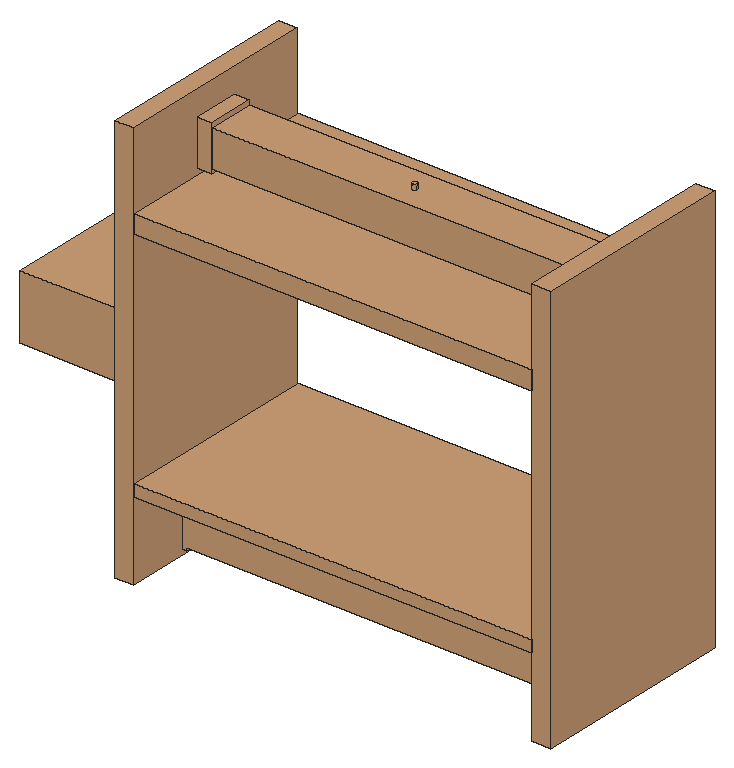
Revit family
Parameters
  Center of Unit = 0' - 0"  # constant formula
  Total Heating Capacity [instance] = 0.0 Btu/h
  Series = "VIFB"
  Outlet Area = 7.15 SF
  Lower Frame Thickness = if(Headers Height = 0' 3", 0' 1 1/4", if(Headers Height = 0' 3 1/4", 0' 1 1/4", 0' 0"))  # 0' - 1 1/4"
  Water Pressure Drop [instance] = 0.00 psi
  Water Flow [instance] = 0 GPM
  Unit Weight (lbs) = 455
  URL = "http://www.ljwing.com/"
  Water Outlet Radius = 0' - 1 1/2"
  Headers Height = if(M = 0' 1", 0' 3", if(M = 0' 1 1/2", 0' 3 1/4", 0' 0"))  # 0' - 3"
  Number of Rows = 2  # constant formula
  Number of Coils [instance] = 0
  Nominal Length = 3' - 10 7/8"
  N = 1' - 0 3/4"
  Model = "VA-4W"
  Manufacturer = "LJ Wing"
  M = 0' - 1"
  Leaving Water Temperature [instance] = 0 °F
  Leaving Air Temperature [instance] = 0 °F
  Entering Water Temperature [instance] = 0 °F
  Entering Air Temperature [instance] = 0 °F
  Description = "Vertical Integral Face & Bypass Water Heating Coils"
  Hot Water Inlet  Radius = 0' - 1 1/2"
  Coil Face Area = Outlet Area * 0.56  # 4.004 SF
  Casing Material = ""
  Assembly Code = "D3020300"
  Air Vent Radius = 0' - 0 1/4"
  Air Pressure Drop [instance] = 0.00 in-wg
  Air Inlet Width = Nominal Length - 0' 4"  # 3' - 6 7/8"
  Air Inlet Height = Y  # 2' - 0"
  Air Flow [instance] = 0 CFM
  Y = 2' - 0"
  S = 0' - 9 3/4"  # constant formula
  Product URL = "http://www.ljwing.com/html/vifb.asp"
  OmniClass = "23-75 70 21 14 "
  Nominal Height = 3' - 8"
  Nominal Depth = 1' - 10"
  R = 0' - 10 1/4"  # constant formula
  Q = 0' - 5 7/16"
Reference planes (in)
  plane 1 "Center (Front/Back)": y = 0
  plane 2: z = -12
  plane 3 "Center (Left/Right)": x = 0
  plane 4: z = 22.25
  plane 5: x = -23.4375
  plane 6: x = 23.4375
  plane 7: z = -21.75
  plane 8: z = 0
  plane 9: y = -11
  plane 10: y = 11
  plane 11: z = 12
  plane 12: z = 14
  plane 13: z = -13.25
  plane 14: x = 21.4375
  plane 15: x = -21.4375
  plane 16: x = -18
  plane 17: x = 18
  plane 18: y = 14.0625
  plane 19: x = -34.4375
  plane 20: z = 19.125
  plane 21: z = 15.125
  plane 22: y = -2.5
  plane 23: y = 2.5
  plane 24: y = -4.5
  plane 25: z = -19.375
  plane 26: x = -10.6875
  plane 27: x = 10.6875
  plane 28: z = -15.375
Forms (in)
  Extrusion 1, solid, material "Painted Finish"
    sketch origin (0, 6, -9.75) x (1, 0, 0) y (0, 0, 1)
      loop
        line (-23.4375, -12) -> (-21.4375, -12) -> (-21.4375, 32) -> (-23.4375, 32) -> (-23.4375, -12)
      loop
        line (23.4375, -12) -> (23.4375, 32) -> (21.4375, 32) -> (21.4375, -12) -> (23.4375, -12)
    from -5 to 17
  Extrusion 2, solid, material "Painted Finish"
    sketch origin (0, 6, 0) x (1, 0, 0) y (0, 0, 1)
      loop
        line (21.4375, -12) -> (-21.4375, -12) -> (-21.4375, -13.25) -> (21.4375, -13.25) -> (21.4375, -12)
      loop
        line (21.4375, 12) -> (21.4375, 14) -> (-21.4375, 14) -> (-21.4375, 12) -> (21.4375, 12)
    from -5 to 17
  Extrusion 3, solid, material "Painted Finish"
    sketch origin (0, 10, -0.5) x (1, 0, 0) y (0, 0, 1)
      loop
        line (-23.4375, 4) -> (-34.4375, 4) -> (-34.4375, -3) -> (-23.4375, -3) -> (-23.4375, 4)
    from 0 to 20
  Extrusion 4, solid, material "Painted Finish"
    sketch origin (0, 6, 0) x (1, 0, 0) y (0, 0, 1)
      loop
        line (-19.8125, 19.125) -> (-19.8125, 15.125) -> (19.8125, 15.125) -> (19.8125, 19.125) -> (-19.8125, 19.125)
    from 3.5 to 8.5
  Extrusion 5, solid, material "Painted Finish"
    sketch origin (0, 0, 0) x (1, 0, 0) y (0, 0, 1)
      loop
        line (-19.8125, 14.625) -> (-19.8125, 19.625) -> (-21.4375, 19.625) -> (-21.4375, 14.625) -> (-19.8125, 14.625)
      loop
        line (21.4375, 14.625) -> (21.4375, 19.625) -> (19.8125, 19.625) -> (19.8125, 14.625) -> (21.4375, 14.625)
    from -2.5 to 2.5
  Extrusion 6, solid, material "Painted Finish"
    sketch origin (0, 6, 0) x (1, 0, 0) y (0, 0, 1)
      loop
        line (-20.9375, -13.875) -> (-20.9375, -13.625) -> (-21.4375, -13.625) -> (-21.4375, -17.125) -> (-20.9375, -17.125) -> (-20.9375, -16.875) -> (20.9375, -16.875) -> (20.9375, -17.125) -> (21.4375, -17.125) -> (21.4375, -13.625) -> (20.9375, -13.625) -> (20.9375, -13.875) -> (-20.9375, -13.875)
      loop
        line (20.9375, -20.875) -> (20.9375, -21.125) -> (21.4375, -21.125) -> (21.4375, -17.625) -> (20.9375, -17.625) -> (20.9375, -17.875) -> (-20.9375, -17.875) -> (-20.9375, -17.625) -> (-21.4375, -17.625) -> (-21.4375, -21.125) -> (-20.9375, -21.125) -> (-20.9375, -20.875) -> (20.9375, -20.875)
    from -5 to 10.5
  Extrusion 7, void
    sketch origin (0, 0, 0) x (1, 0, 0) y (0, 0, 1)
      loop
        line (-21.4375, 12) -> (-21.4375, -12) -> (21.4375, -12) -> (21.4375, 12) -> (-21.4375, 12)
    from -11 to 11
  Extrusion 8, solid, material "Painted Finish"
    sketch origin (0, 0, 0) x (1, 0, 0) y (0, 0, 1)
      loop
        circle (10.6875, -19.375) r 1
      loop
        circle (-10.6875, -15.375) r 1
    from -14.0625 to -11
  Extrusion 9, solid, material "Painted Finish"
    sketch origin (0, 0, 0) x (1, 0, 0) y (0, 1, 0)
      loop
        circle (0, 0) r 0.25
    from 19.125 to 19.625
Cuts and joins
  Extrusion 7 cuts Extrusion 1
  Extrusion 7 cuts Extrusion 2
Dimensions and locks (in)
  "Nominal Length": plane 6 to plane 5
  equal spacing: plane 6, plane 3 "Center (Left/Right)", plane 5
  "S": plane 2 to plane 7
  "Nominal Depth": plane 10 to plane 9
  equal spacing: plane 10, plane 1 "Center (Front/Back)", plane 9
  "Y": plane 11 to plane 2
  "R": plane 4 to plane 11
  locked: plane 12 to plane 11 at 2
  "Lower Frame Thickness": plane 2 to plane 13
  "Q": plane 16 to plane 5
  "Q": plane 6 to plane 17
  locked: plane 18 to plane 10 at 3.0625
  locked: plane 5 to plane 19 at 11
  locked: Extrusion 3 sketch curve to Extrusion 3 sketch curve at 7
  locked: Extrusion 3 to Extrusion 3 at 20
  locked: plane 6 to plane 14 at 2
  locked: plane 15 to plane 5 at 2
  locked: Extrusion 5 sketch curve to plane 20 at 0.5
  locked: plane 21 to Extrusion 5 sketch curve at 0.5
  locked: plane 20 to plane 21 at 4
  locked: plane 23 to plane 22 at 5
  equal spacing: plane 23, plane 1 "Center (Front/Back)", plane 22
  locked: plane 22 to plane 24 at 2
  plane 4 to plane 7 = 3' - 8"
  locked: Extrusion 5 sketch curve to Extrusion 1 at 1.625
  locked: Extrusion 5 sketch curve to Extrusion 5 sketch curve at 1.625
  locked: Extrusion 7 sketch curve to plane 11 at 0
  locked: Extrusion 7 sketch curve to plane 15 at 0
  locked: Extrusion 7 sketch curve to plane 14 at 0
  locked: plane 15 to Extrusion 6 sketch curve at 0.5
  locked: Extrusion 6 sketch curve to Extrusion 6 sketch curve at 0.25  (x2)
  locked: plane 25 to plane 7 at 2.375
  "N": plane 26 to plane 5
  "N": plane 6 to plane 27
  locked: plane 28 to plane 7 at 6.375
  "Headers Height": Extrusion 6 sketch curve to Extrusion 6 sketch curve  (x2)
  locked: Extrusion 8 sketch curve to plane 25 at 0
  locked: Extrusion 8 sketch curve to plane 28 at 0
  locked: Extrusion 9 sketch curve to plane 1 "Center (Front/Back)" at 0
  locked: Extrusion 9 sketch curve to plane 3 "Center (Left/Right)" at 0
  equal spacing: Extrusion 6 sketch curve, plane 28, Extrusion 6 sketch curve
  equal spacing: Extrusion 6 sketch curve, plane 25, Extrusion 6 sketch curve
  locked: plane 4 to plane 20 at 3.125
  locked: Extrusion 7 sketch curve to plane 2 at 0
  equal spacing: plane 11, plane 8, plane 2
  locked: Extrusion 8 sketch curve to plane 27 at 0
  locked: Extrusion 8 sketch curve to plane 26 at 0
  "M": radius of Extrusion 8 sketch curve  (x2)
  "Air Vent Radius": radius of Extrusion 9 sketch curve
  aligned and locked: plane 9 to Extrusion 1
  aligned and locked: Extrusion 1 to plane 10
  aligned and locked: plane 15 to Extrusion 1
  aligned and locked: Extrusion 1 to plane 14
  aligned and locked: plane 9 to Extrusion 2
  aligned and locked: Extrusion 1 to plane 9
  aligned and locked: plane 10 to Extrusion 1  (x2)
  aligned and locked: Extrusion 2 to plane 10
  aligned and locked: plane 10 to Extrusion 2  (x2)
  aligned and locked: Extrusion 2 to plane 9  (x2)
  aligned and locked: plane 5 to Extrusion 3
  aligned and locked: Extrusion 5 sketch curve to plane 15
  aligned and locked: Extrusion 5 sketch curve to Extrusion 4
  aligned and locked: Extrusion 1 to Extrusion 6
  aligned and locked: plane 22 to Extrusion 5
  aligned and locked: Extrusion 5 to Extrusion 4  (x2)
  aligned and locked: Extrusion 5 to plane 23
  aligned and locked: plane 24 to Extrusion 6
  aligned and locked: Extrusion 4 to Extrusion 5  (x2)
  aligned and locked: Extrusion 5 to Extrusion 1  (x2)
  aligned and locked: Extrusion 1 to Extrusion 7  (x2)
  aligned and locked: Extrusion 8 to plane 18
  aligned and locked: plane 10 to Extrusion 8
  aligned and locked: plane 20 to Extrusion 9
  aligned and locked: Extrusion 9 to Extrusion 5
  aligned and locked: plane 2 to cut or joined group of Extrusion 2, Extrusion 7
  aligned and locked: plane 6 to Extrusion 1 sketch curve
  aligned and locked: plane 14 to Extrusion 1 sketch curve
  aligned and locked: Extrusion 1 sketch curve to plane 15
  aligned and locked: Extrusion 1 sketch curve to plane 5
  aligned and locked: Extrusion 1 sketch curve to plane 4  (x2)
  aligned and locked: plane 7 to Extrusion 1 sketch curve  (x2)
  aligned and locked: Extrusion 2 sketch curve to plane 11
  aligned and locked: Extrusion 2 sketch curve to plane 12
  aligned and locked: plane 2 to Extrusion 2 sketch curve
  aligned and locked: Extrusion 2 sketch curve to plane 13
  aligned and locked: Extrusion 2 sketch curve to plane 14  (x2)
  aligned and locked: Extrusion 2 sketch curve to plane 15  (x2)
  aligned and locked: plane 20 to Extrusion 4 sketch curve
  aligned and locked: Extrusion 4 sketch curve to plane 21
  aligned and locked: Extrusion 6 sketch curve to plane 14  (x2)
  aligned and locked: plane 15 to Extrusion 6 sketch curve  (x2)
Automatic sketch dimensions
  Extrusion 3 sketch curve to plane 19 = 0' - 0"
  Extrusion 3 sketch curve to plane 5 = 0' - 0"
  plane 8 to Extrusion 3 sketch curve = 0' - 3 1/2"
  Extrusion 4 sketch curve to plane 16 = 0' - 1 13/16"
  plane 17 to Extrusion 4 sketch curve = 0' - 1 13/16"
  plane 21 to Extrusion 5 sketch curve = 0' - 0 1/2"
  Extrusion 5 sketch curve to plane 20 = 0' - 0 1/2"
  plane 15 to Extrusion 6 sketch curve = 0' - 0 1/2"  (x2)
  Extrusion 6 sketch curve to Extrusion 6 sketch curve = 0' - 0 1/4"  (x5)
  Extrusion 6 sketch curve to Extrusion 6 sketch curve = 0' - 0"  (x2)
  Extrusion 6 sketch curve to plane 14 = 0' - 0 1/2"  (x2)
  Extrusion 6 sketch curve to Extrusion 6 sketch curve = 0' - 0 1/2"
  Extrusion 6 sketch curve to plane 7 = 0' - 0 5/8"
Connectors (in)
  hvac at (0, -11, 0), driven by "Air Inlet Height", driven by "Air Inlet Width", driven by "Air Flow", driven by "Air Pressure Drop"
    settings: on Extrusion 7, index 1
  hvac at (0, 11, 0), driven by "Air Pressure Drop", driven by "Air Inlet Height", driven by "Air Inlet Width", driven by "Air Flow"
    settings: on Extrusion 7, index 2
  piping at (-10.6875, 14.0625, -15.375), driven by "M", driven by "Water Flow", driven by "Water Pressure Drop"
    settings: on Extrusion 8, index 4
  piping at (10.6875, 14.0625, -19.375), driven by "Water Pressure Drop", driven by "Water Flow", driven by "M"
    settings: on Extrusion 8, index 5
